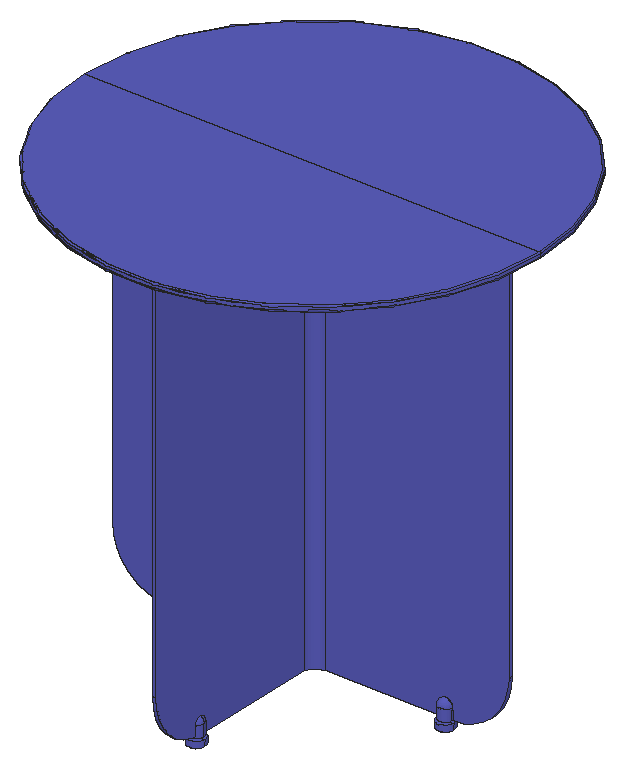
Revit family "DBLTD_TheSenatorGroup_OfficeTables_Batan_SoftFolds_US", category Furniture, Revit 2021
Family settings
  OmniClass Number = 23.40.20.00
  OmniClass Title = General Furniture and Specialties
  Work Plane-Based = No
  Always vertical = Yes
  Cut with Voids When Loaded = No
  Shared = Yes
  Room Calculation Point = No
Parameters (values of type "Tall Round 15.75” Dia")
  WorksurfaceArea = NominalWidth * NominalDepth  # 0.16 m²
  WarrantyStartDate [instance] = " "
  WarrantyGuarantorParts = "https://www.thesenatorgroup.com/"
  WarrantyGuarantorLabor = "https://www.thesenatorgroup.com/"
  WarrantyDurationUnit = "years"
  WarrantyDurationParts = "5"
  WarrantyDurationLabor = "5"
  WarrantyDescription = "Allermuir warrants that its manufactured products are free from manufacturing defects - in materials or workmanship - for a period of five (5) years.\r\nAllermuir will repair, or replace (at Allermuir’s sole discretion) with comparable free of charge materials/ components, any product/ component which fails under normal use in a single shift environment, as a result of a defect in the materials and/or workmanship.\r\n\r\nExceptions -\r\nNon-standard product - 2 years\r\nScreen-mounted Accessories/ Dry-wipe Boards - 2 years\r\nElectrical and/or electronic componentry - 2 years\r\n\r\nExclusions - Allermuir does not warrant:\r\nFailure due to normal “Wear and Tear”.\r\nNatural variations in appearance of wood - its grain, figure and colour.\r\nChanges in surface appearance resulting from exposure to light, and the natural ageing process of wood.\r\nChanges in surface appearance resulting from the misuse of cleaning materials and methods/ damage form sharp objects/ imprinting from writing implements.\r\nNatural variations in Leather - its marks, scars and wrinkles.\r\nProduct stored/ exposed to extreme operational conditions.\r\nConsumable components such as Fuses/ Lights/ lamps/ transformers/etc.\r\nOther Manufacturer’s product supplied by Allermuir (their own warranty shall apply where possible).\r\nNon-standard fabrics/ finishes or veneers used. Allermuir only checks the manufacturing quality of Customer’s\r\nOwn Material (COM) and provides no warranty for the finish/ fabric itself.\r\nProduct which has not been installed/ moved/ reconfigured by Allermuir approved personnel.\r\nAllermuir shall be under no liability whatsoever for any consequential damage, loss or other expenses whether arising out of contract, negligence or otherwise."
  Version = "1"
  Uniclass2015Version = "Products v1.15"
  Uniclass2015Title = "Office tables"
  Uniclass2015Code = "Pr_40_50_21_60"
  URL = "https://www.thesenatorgroup.com/"
  Type Comments = ModelReference  # "Tall Round 15.75” Dia"
  TagNumber [instance] = " "
  SustainabilityPerformance = "n/a"
  Size = "15.75” x 15.75” x 15.75”"
  Shape = "Rectangular"
  SerialNumber [instance] = " "
  Revision = ""
  ReplacementCost = "n/a"
  ProductInformation = "https://www.allermuir.com/us/products/tables-storage/batan"
  PillSize = Nested_DBLTD_TheSenatorGroup_OfficeTables_Batan_SoftFolds_Pill : 1000 x 500
  NumberOfChairs = 0
  NominalWidth = 400 mm
  NominalHeight = 400 mm
  NominalDepth = 400 mm
  Name = "Table"
  ModelReference = "Tall Round 15.75” Dia"
  ModelNumber = "SFH16RD"
  Model = ModelNumber  # "SFH16RD"
  Material = "Frame: Folded Steel Frame. Top: Formed Steel."
  ManufacturerURL = "https://www.thesenatorgroup.com/"
  ManufacturerName = "The Senator Group"
  Keynote = Category  # "Pr_40_50_21_60 Office tables"
  IsPill = no
  IsCircular = yes
  InstallationDate [instance] = " "
  Grade = "n/a"
  FrameMaterial [instance] = DBLTD_TheSenatorGroup_Metal_UltramarineBlue
  Finish = "Frame and Top: Mineral Forest, Ultramarine Blue, Black, White, Blush, Ivory."
  Features = "n/a"
  ExpectedLife = "5"
  DurationUnit = "years"
  DesktopMaterial [instance] = DBLTD_TheSenatorGroup_Metal_UltramarineBlue
  Cost = 0
  Constituents = "Frame, Top"
  Color = "Frame and Top: Mineral Forest, Ultramarine Blue, Black, White, Blush, Ivory."
  CodePerformance = "n/a"
  Category = "Pr_40_50_21_60 Office tables"
  Manufacturer = ManufacturerName  # "The Senator Group"
  Description = ModelReference  # "Tall Round 15.75” Dia"
  Default Elevation = 0 mm
  BarCode [instance] = " "
  Author = "Diane Butterworth Ltd"
  AssetType = "Movable"
  AssetIdentifier [instance] = " "
  Assembly Code = "E2020200"
  AccessibilityPerformance = "n/a"
Types (6, lengths in mm): name | WorksurfaceArea | Type Comments | Size | PillSize | NominalWidth | NominalHeight | NominalDepth | ModelReference | ModelNumber | Model | IsPill | IsCircular | Description
  Low Pill 39.25” x 19.75” | 0.50 m² | "Low Pill 39.25” x 19.75”" | "11.75” x 39.25” x 19.75”" | Nested_DBLTD_TheSenatorGroup_OfficeTables_Batan_SoftFolds_Pill : 1000 x 500 | 1000 | 300 | 500 | "Low Pill 39.25” x 19.75”" | "SFLP4020" | "SFLP4020" | yes | no | "Low Pill 39.25” x 19.75”"
  Low Round 31.50” Dia | 0.64 m² | "Low Round 31.50” Dia" | "11.75” x 31.50” x 31.50”" | Nested_DBLTD_TheSenatorGroup_OfficeTables_Batan_SoftFolds_Pill : 1000 x 500 | 800 | 300 | 800 | "Low Round 31.50” Dia" | "SFL30RD" | "SFL30RD" | no | yes | "Low Round 31.50” Dia"
  Medium Round 23.50” Dia | 0.36 m² | "Medium Round 23.50” Dia" | "13.75”  x 23.50” x 23.50”" | Nested_DBLTD_TheSenatorGroup_OfficeTables_Batan_SoftFolds_Pill : 1000 x 500 | 600 | 350 | 600 | "Medium Round 23.50” Dia" | "SFM24RD" | "SFM24RD" | no | yes | "Medium Round 23.50” Dia"
  Tall Round 15.75” Dia | 0.16 m² | "Tall Round 15.75” Dia" | "15.75” x 15.75” x 15.75”" | Nested_DBLTD_TheSenatorGroup_OfficeTables_Batan_SoftFolds_Pill : 1000 x 500 | 400 | 400 | 400 | "Tall Round 15.75” Dia" | "SFH16RD" | "SFH16RD" | no | yes | "Tall Round 15.75” Dia"
  Medium Pill 31.50” x 15.75” | 0.32 m² | "Medium Pill 31.50” x 15.75”" | "13.75” x 31.50” x 15.75”" | Nested_DBLTD_TheSenatorGroup_OfficeTables_Batan_SoftFolds_Pill : 800 x 400 | 800 | 350 | 400 | "Medium Pill 31.50” x 15.75”" | "SFMP3016" | "SFMP3016" | yes | no | "Medium Pill 31.50” x 15.75”"
  Tall Pill 29.50” x 13.75” | 0.2625 m² | "Tall Pill 29.50” x 13.75”" | "15.75” x 29.50” x 13.75”" | Nested_DBLTD_TheSenatorGroup_OfficeTables_Batan_SoftFolds_Pill : 750 x 350 | 750 | 400 | 350 | "Tall Pill 29.50” x 13.75”" | "SFHP2914" | "SFHP2914" | yes | no | "Tall Pill 29.50” x 13.75”"
Reference planes
  plane 1 "Center (Front/Back)": y = 0
  plane 2: z = 0
  plane 3 "Center (Left/Right)": x = 0
  plane 4: z = 400
  plane 5: z = 395
  plane 6: y = 200
  plane 7: y = -200
  plane 8: x = -200
  plane 9: x = 200
  plane 10: x = -175
  plane 11: y = 175
  plane 12: x = 175
  plane 13: y = -175
Forms (mm)
  Revolve 1, solid, material "DBLTD_TheSenatorGroup_Metal_UltramarineBlue" <- "DesktopMaterial", visible <- "IsCircular"
    sketch origin (0, 0, 0) x (1, 0, 0) y (0, 0, 1)
      loop
        line (0, 400) -> (0, 395) -> (199, 395)
        arc (199, 395) -> (199.707, 395.293) -> (200, 396) r 1
        line (200, 396) -> (200, 399)
        arc (200, 399) -> (199.707, 399.707) -> (199, 400) r 1
        line (199, 400) -> (0, 400)
      axis (0, 400) -> (0, 395)
    angle from 0 to 360
Dimensions and locks
  "NominalHeight": plane 4 to level
  plane 4 to plane 5 = 5 mm
  equal spacing: plane 8, plane 3 "Center (Left/Right)", plane 9
  equal spacing: plane 6, plane 1 "Center (Front/Back)", plane 7
  "NominalDepth": plane 6 to plane 7
  "NominalWidth": plane 8 to plane 9
  locked: plane 8 to plane 10 at 25
  locked: plane 12 to plane 9 at 25
  locked: plane 6 to plane 11 at 25
  locked: plane 13 to plane 7 at 25
  aligned and locked: level to plane 2
  aligned and locked: plane 1 "Center (Front/Back)" to nested 1
  aligned and locked: plane 3 "Center (Left/Right)" to nested 1
  aligned and locked: plane 12 to nested 1
  aligned and locked: plane 13 to nested 1
  aligned and locked: nested 2 to plane 3 "Center (Left/Right)"
  aligned and locked: nested 2 to plane 1 "Center (Front/Back)"
  aligned and locked: nested 2 to plane 11
  aligned and locked: nested 2 to plane 10
  aligned and locked: Revolve 1 sketch curve to plane 5
  aligned and locked: plane 3 "Center (Left/Right)" to nested 3
  aligned and locked: plane 1 "Center (Front/Back)" to nested 3
  aligned and locked: plane 4 to nested 3
Automatic sketch dimensions
  Revolve 1 sketch curve to plane 3 "Center (Left/Right)" = 0 mm  (x2)
  Revolve 1 sketch curve to plane 4 = 0 mm
  Revolve 1 sketch curve to plane 9 = 0 mm
  Revolve 1 sketch curve to Revolve 1 sketch curve = 1 mm
  Revolve 1 sketch curve to plane 9 = 1 mm
  Revolve 1 sketch curve to Revolve 1 sketch curve = 3.02 mm
  Revolve 1 sketch curve to Revolve 1 sketch curve = 6.98 mm
Nested families
  nested 1: "Nested_DBLTD_TheSenatorGroup_OfficeTables_Batan_SoftFolds_Frame" at (0, 0, 0), FrameMaterial <- "FrameMaterial", FrameHeight <- "NominalHeight", type "Nested_DBLTD_TheSenatorGroup_OfficeTables_Batan_SoftFolds_Frame"
    with LegWidth 175 mm, LegDepth 175 mm, FrameMaterial DBLTD_TheSenatorGroup_Metal_UltramarineBlue, FrameHeight 400 mm
  nested 2: "Nested_DBLTD_TheSenatorGroup_OfficeTables_Batan_SoftFolds_Frame" at (0, 0, 0) x (-1, 0, 0) z (0, 0, 1), FrameMaterial <- "FrameMaterial", FrameHeight <- "NominalHeight", type "Nested_DBLTD_TheSenatorGroup_OfficeTables_Batan_SoftFolds_Frame"
    with LegWidth 175 mm, LegDepth 175 mm, FrameMaterial DBLTD_TheSenatorGroup_Metal_UltramarineBlue, FrameHeight 400 mm
  nested 3: "Nested_DBLTD_TheSenatorGroup_OfficeTables_Batan_SoftFolds_Pill" at (0, 0, 395), PillFinish <- "DesktopMaterial", visible <- "IsPill", type <- "PillSize", type "1000 x 500"
    with PillFinish DBLTD_TheSenatorGroup_Metal_UltramarineBlue
Definition of nested family "Nested_DBLTD_TheSenatorGroup_OfficeTables_Batan_SoftFolds_Frame"
  Parameters (values of type "Nested_DBLTD_TheSenatorGroup_OfficeTables_Batan_SoftFolds_Frame")
    LegWidth [instance] = 500 mm
    LegDepth [instance] = 300 mm
    FrameMaterial [instance] = none
    FrameHeight [instance] = 300 mm
    Default Elevation = 0 mm
  Reference planes
    plane 1 "Center (Front/Back)": y = 0
    plane 2: z = 0
    plane 3 "Center (Left/Right)": x = 0
    plane 4: x = 500
    plane 5: y = -300
    plane 6: z = 300
    plane 7: z = 295
    plane 8: z = 292
  Forms (mm)
    Extrusion 1, solid, material <- "FrameMaterial"
      sketch origin (0, 0, 0) x (1, 0, 0) y (0, 1, 0)
        loop
          line (0, -13) -> (0, -300) -> (3, -300) -> (3, -13)
          arc (3, -13) -> (5.929, -5.929) -> (13, -3) r 10
          line (13, -3) -> (500, -3) -> (500, 0) -> (13, 0)
          arc (13, 0) -> (3.808, -3.808) -> (0, -13) r 13
      from 7.792 to 295
    Extrusion 2, void
      sketch origin (500, -3, 0) x (1, 0, 0) y (0, 0, -1)
        loop
          line (0, -7.792) -> (-50, -7.792)
          arc (-50, -7.792) -> (-14.645, -22.436) -> (0, -57.792) r 50
          line (0, -57.792) -> (0, -7.792)
      from 0 to 3
    Extrusion 3, void
      sketch origin (0, -13, 0) x (0, 1, 0) y (0, 0, 1)
        loop
          line (-287, 7.792) -> (-237, 7.792)
          arc (-237, 7.792) -> (-272.355, 22.436) -> (-287, 57.792) r 50
          line (-287, 57.792) -> (-287, 7.792)
      from 0 to 3
    Extrusion 4, solid, material <- "FrameMaterial"
      sketch origin (0, 0, 0) x (1, 0, 0) y (0, 1, 0)
        loop
          line (3, -270) -> (18, -270)
          arc (18, -270) -> (25.071, -267.071) -> (28, -260) r 10
          line (28, -260) -> (28, -53)
          arc (28, -53) -> (25.071, -45.929) -> (18, -43) r 10
          line (18, -43) -> (3, -43) -> (3, -270)
      from 292 to 295
    Extrusion 5, solid, material <- "FrameMaterial"
      sketch origin (0, 0, 0) x (1, 0, 0) y (0, 1, 0)
        loop
          line (43, -3) -> (43, -18)
          arc (43, -18) -> (45.929, -25.071) -> (53, -28) r 10
          line (53, -28) -> (460, -28)
          arc (460, -28) -> (467.071, -25.071) -> (470, -18) r 10
          line (470, -18) -> (470, -3) -> (43, -3)
      from 292 to 295
    Revolve 6, solid, material <- "FrameMaterial"
      sketch origin (537, -3, 0) x (-1, 0, 0) y (0, 0, -1)
        loop
          line (92.999, 0) -> (86.649, 0) -> (86.649, -0.8) -> (85.499, -0.8) -> (85.499, -5.8) -> (90.499, -5.8) -> (90.499, -7.792) -> (87, -7.792) -> (87, -17.798)
          arc (87, -17.798) -> (88.757, -22.04) -> (92.999, -23.797) r 5.999
          line (92.999, -23.797) -> (92.999, 0)
        axis (92.999, 0) -> (92.999, -23.797)
      angle from 0 to 360
    Revolve 7, solid, material <- "FrameMaterial"
      sketch origin (1593.328, -252, 0) x (-1, 0, 0) y (0, 0, -1)
        loop
          line (1592.999, 0) -> (1586.649, 0) -> (1586.649, -0.8) -> (1585.499, -0.8) -> (1585.499, -5.8) -> (1590.499, -5.8) -> (1590.499, -7.792) -> (1587, -7.792) -> (1587, -17.798)
          arc (1587, -17.798) -> (1588.757, -22.04) -> (1592.999, -23.797) r 5.999
          line (1592.999, -23.797) -> (1592.999, 0)
        axis (1592.999, 0) -> (1592.999, -23.797)
      angle from 0 to 360
  Cuts and joins
    Extrusion 2, Extrusion 3 cuts Extrusion 1
  Dimensions and locks
    "LegWidth": plane 3 "Center (Left/Right)" to plane 4
    "LegDepth": plane 5 to plane 1 "Center (Front/Back)"
    locked: plane 6 to plane 7 at 5
    locked: Extrusion 4 sketch curve to plane 5 at 30
    locked: plane 7 to plane 8 at 3
    locked: Extrusion 5 sketch curve to plane 4 at 30
    locked: Revolve 6 to plane 4 at 48.499
    locked: Revolve 7 to plane 5 at 48
    "FrameHeight": plane 6 to level
    aligned and locked: level to plane 2
    aligned and locked: plane 7 to Extrusion 1
    aligned and locked: Extrusion 4 to plane 8
    aligned and locked: plane 7 to Extrusion 4
    aligned and locked: plane 7 to Extrusion 5
    aligned and locked: Extrusion 5 to plane 8
  Automatic sketch dimensions
    Extrusion 1 sketch curve to Extrusion 1 sketch curve = 0 mm  (x2)
    Extrusion 1 sketch curve to plane 3 "Center (Left/Right)" = 0 mm
    Extrusion 1 sketch curve to plane 5 = 0 mm
    plane 1 "Center (Front/Back)" to Extrusion 1 sketch curve = 0 mm
    Extrusion 1 sketch curve to plane 4 = 0 mm
    plane 3 "Center (Left/Right)" to Extrusion 1 sketch curve = 3 mm
    Extrusion 1 sketch curve to Extrusion 1 sketch curve = 10 mm
    Extrusion 2 sketch curve to Extrusion 1 = 0 mm  (x3)
    Extrusion 1 to Extrusion 2 sketch curve = 0 mm
    Extrusion 2 sketch curve to Extrusion 1 = 50 mm
    Extrusion 2 sketch curve to Extrusion 2 sketch curve = 0 mm  (x2)
    Extrusion 3 sketch curve to Extrusion 1 = 0 mm  (x2)
    Extrusion 1 to Extrusion 3 sketch curve = 0 mm  (x2)
    Extrusion 3 sketch curve to Extrusion 1 = 50 mm
    Extrusion 3 sketch curve to Extrusion 3 sketch curve = 0 mm  (x2)
    plane 3 "Center (Left/Right)" to Extrusion 4 sketch curve = 3 mm
    Extrusion 4 sketch curve to Extrusion 4 sketch curve = 15 mm  (x2)
    Extrusion 4 sketch curve to Extrusion 4 sketch curve = 10 mm
    plane 1 "Center (Front/Back)" to Extrusion 4 sketch curve = 53 mm
    Extrusion 5 sketch curve to Extrusion 5 sketch curve = 10 mm  (x2)
    plane 1 "Center (Front/Back)" to Extrusion 5 sketch curve = 28 mm
    plane 3 "Center (Left/Right)" to Extrusion 5 sketch curve = 53 mm
    plane 1 "Center (Front/Back)" to Extrusion 5 sketch curve = 3 mm
    Revolve 6 sketch curve to Extrusion 1 = 0 mm  (x2)
    Revolve 6 sketch curve to Extrusion 1 = 1.991 mm
    Revolve 6 sketch curve to Extrusion 1 = 48.499 mm
    Revolve 6 sketch curve to Revolve 6 sketch curve = 1.15 mm
    Revolve 6 sketch curve to Revolve 6 sketch curve = 1.501 mm
    Revolve 6 sketch curve to Revolve 6 sketch curve = 3.499 mm
    Revolve 6 sketch curve to Revolve 6 sketch curve = 5.999 mm
    Extrusion 1 to Revolve 6 sketch curve = 10.006 mm
    Revolve 6 sketch curve to Revolve 6 sketch curve = 5 mm
    Revolve 6 sketch curve to Revolve 6 sketch curve = 5.8 mm
    Revolve 6 sketch curve to Revolve 6 sketch curve = 2.5 mm
    Extrusion 1 to Revolve 6 sketch curve = 1.965 mm
    Revolve 7 sketch curve to level = 0 mm
    plane 3 "Center (Left/Right)" to Revolve 7 sketch curve = 7.829 mm
    Revolve 7 sketch curve to Revolve 7 sketch curve = 1.15 mm
    Revolve 7 sketch curve to Revolve 7 sketch curve = 1.501 mm
    plane 3 "Center (Left/Right)" to Revolve 7 sketch curve = 2.829 mm
    plane 3 "Center (Left/Right)" to Revolve 7 sketch curve = 0.329 mm  (x2)
    level to Revolve 7 sketch curve = 0.8 mm
    level to Revolve 7 sketch curve = 5.8 mm
    Revolve 7 sketch curve to Revolve 7 sketch curve = 1.991 mm
    Revolve 7 sketch curve to Revolve 7 sketch curve = 10.006 mm
    Revolve 7 sketch curve to Revolve 7 sketch curve = 0 mm
    Revolve 7 sketch curve to Revolve 7 sketch curve = 1.965 mm
Definition of nested family "Nested_DBLTD_TheSenatorGroup_OfficeTables_Batan_SoftFolds_Pill"
  Parameters (values of type "800 x 400")
    PillWidth = 800 mm
    PillFinish [instance] = none
    PillDepth = 400 mm
    Default Elevation = 0 mm
  Types (4, lengths in mm): name | PillWidth | PillDepth
    (no name) | 800 | 400
    1000 x 500 | 1000 | 500
    800 x 400 | 800 | 400
    750 x 350 | 750 | 350
  Reference planes
    plane 1 "Center (Front/Back)": y = 0
    plane 2: z = 0
    plane 3 "Center (Left/Right)": x = 0
    plane 4: x = -400
    plane 5: x = 400
    plane 6: y = 200
    plane 7: y = -200
    plane 8: z = 5
  Forms (mm)
    Extrusion 1, solid, material <- "PillFinish"
      sketch origin (0, 0, 0) x (1, 0, 0) y (0, 1, 0)
        loop
          arc (-200, 200) -> (-400, 0) -> (-200, -200) r 200
          line (-200, -200) -> (200, -200)
          arc (200, -200) -> (400, 0) -> (200, 200) r 200
          line (200, 200) -> (-200, 200)
      from 0 to 5
    Sweep 2, void
      path in 3D
        loop
          arc (200, -200, 5) -> (400, 0, 5) -> (200, 200, 5) r 200
          line (200, 200, 5) -> (-200, 200, 5)
          arc (-200, 200, 5) -> (-400, 0, 5) -> (-200, -200, 5) r 200
          line (-200, -200, 5) -> (200, -200, 5)
      profile origin (0, -200, 5) x (0, 1, 0) y (0, 0, 1)
        loop
          arc (0, -1) -> (0.293, -0.293) -> (1, 0) r 1
          line (1, 0) -> (-0.479, 0) -> (-0.479, -5) -> (1, -5)
          arc (1, -5) -> (0.293, -4.707) -> (0, -4) r 1
          line (0, -4) -> (0, -1)
  Cuts and joins
    Sweep 2 cuts Extrusion 1
  Lines and regions (mm)
    sketch lines
      curve 1: line (-200, -200, 5) -> (200, -200, 5)
      curve 2: arc (-200, -200, 5) -> (-400, 0, 5) -> (-200, 200, 5) r 200
      curve 3: line (200, 200, 5) -> (-200, 200, 5)
      curve 4: arc (200, 200, 5) -> (400, 0, 5) -> (200, -200, 5) r 200
  Dimensions and locks
    equal spacing: plane 6, plane 1 "Center (Front/Back)", plane 7
    equal spacing: plane 4, plane 3 "Center (Left/Right)", plane 5
    "PillWidth": plane 4 to plane 5
    "PillDepth": plane 6 to plane 7
    locked: plane 4 to Extrusion 1 sketch curve
    locked: plane 5 to Extrusion 1 sketch curve
    aligned and locked: level to plane 2
    aligned and locked: Extrusion 1 sketch curve to plane 6
    aligned and locked: plane 7 to Extrusion 1 sketch curve
  Automatic sketch dimensions
    Sweep 2 sketch curve to profile plane = 0 mm  (x2)
    Sweep 2 sketch curve to profile plane = 1 mm  (x2)
    Sweep 2 sketch curve to Sweep 2 sketch curve = 3 mm
    profile plane to Sweep 2 sketch curve = 0.479 mm
